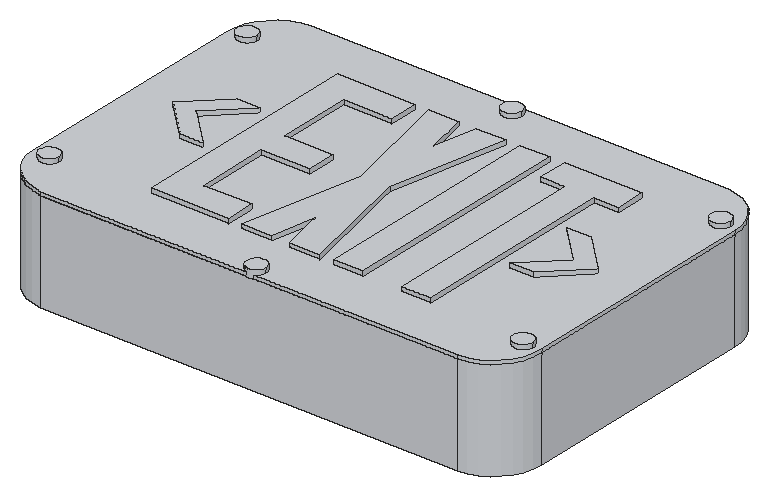
Revit family "Alcon-16124-Revit-Family", category Lighting Fixtures, host Face, Revit 2021
Family settings
  Host = Face
  Round Connector Dimension = Use Diameter
  Part Type = Normal
  Cut with Voids When Loaded = No
  Light Source = No
  Shared = No
  Room Calculation Point = No
Parameters
  Product Identity = "Alcon Lighting 16124"
  Manufacturer = "Alcon Light"
  Link To Product Page = "https://www.alconlighting.com/16124.html"
  Light = none
  Lens = none
  Housing = none
  Default Elevation = 4' - 0"
Reference planes (in)
  plane 1 "Center (Front/Back)": y = 0
  plane 2: z = 0
  plane 3 "Center (Left/Right)": x = 0
Forms (in)
  Extrusion 1, solid, material <- "Housing"
    sketch origin (0, 0, 0) x (1, 0, 0) y (0, 1, 0)
      loop
        arc (-5.37734, 4.46914) -> (-6.21902, 4.08147) -> (-6.5625, 3.22082) r 1.25
        line (-6.5625, 3.22082) -> (-6.5625, -3.00341)
        arc (-6.5625, -3.00341) -> (-6.21902, -3.86407) -> (-5.37734, -4.25173) r 1.25
        arc (-5.37734, -4.25173) -> (0, -4.3913) -> (5.37734, -4.25173) r 103.66176
        arc (5.37734, -4.25173) -> (6.21902, -3.86407) -> (6.5625, -3.00341) r 1.25
        line (6.5625, -3.00341) -> (6.5625, 3.22082)
        arc (6.5625, 3.22082) -> (6.21902, 4.08147) -> (5.37734, 4.46914) r 1.25
        arc (5.37734, 4.46914) -> (0, 4.6087) -> (-5.37734, 4.46914) r 103.66176
    from 0 to 2.59394
  Extrusion 2, solid, material <- "Light"
    sketch origin (0, 0, 0) x (1, 0, 0) y (0, 1, 0)
      loop
        line (-3.60456, 3.10927) -> (-3.60456, -2.90171) -> (-1.60456, -2.90171) -> (-1.60456, -2.15171) -> (-2.85456, -2.15171) -> (-2.85456, -0.29313) -> (-1.60456, -0.29313) -> (-1.60456, 0.45687) -> (-2.85456, 0.45687) -> (-2.85456, 2.35927) -> (-1.60456, 2.35927) -> (-1.60456, 3.10927) -> (-3.60456, 3.10927)
      loop
        line (1.09282, 3.10927) -> (1.09282, -2.90171) -> (1.86222, -2.90171) -> (1.86222, 3.10927) -> (1.09282, 3.10927)
      loop
        line (2.24692, 2.35927) -> (2.86361, 2.35927) -> (2.86361, -2.90171) -> (3.61361, -2.90171) -> (3.61361, 2.35927) -> (4.24692, 2.35927) -> (4.24692, 3.10927) -> (2.24692, 3.10927) -> (2.24692, 2.35927)
      loop
        line (-1.24752, 3.10927) -> (-0.61799, 0.14752) -> (-1.26612, -2.90171) -> (-0.48944, -2.90171) -> (-0.2565, -1.80581) -> (-0.02356, -2.90171) -> (0.75311, -2.90171) -> (0.10498, 0.14752) -> (0.73452, 3.10927) -> (-0.02653, 3.10927) -> (-0.2565, 2.02734) -> (-0.48647, 3.10927) -> (-1.24752, 3.10927)
    from 2.59394 to 2.7897
  Extrusion 3, solid
    sketch origin (0, 0, 0) x (1, 0, 0) y (0, 1, 0)
      loop
        line (-5.48769, 0.13191) -> (-4.56576, -0.79002) -> (-3.96003, -0.79002) -> (-4.88195, 0.13191) -> (-3.96003, 1.05383) -> (-4.56576, 1.05383) -> (-5.48769, 0.13191)
      loop
        line (5.48769, 0.13191) -> (4.56576, 1.05383) -> (3.96003, 1.05383) -> (4.88195, 0.13191) -> (3.96003, -0.79002) -> (4.56576, -0.79002) -> (5.48769, 0.13191)
    from 2.59394 to 2.7897
  Extrusion 4, solid, material <- "Housing"
    sketch origin (0, 0, 0) x (1, 0, 0) y (0, 1, 0)
      loop
        circle (0, 4.22995) r 0.25
      loop
        circle (0, -4.02005) r 0.25
      loop
        circle (6.1152, -3.05931) r 0.25
      loop
        circle (6.1152, 3.3235) r 0.25
      loop
        circle (-6.1152, -3.05931) r 0.25
      loop
        circle (-6.1152, 3.3235) r 0.25
    from 2.59394 to 2.7897
  Extrusion 5, solid, material <- "Lens"
    sketch origin (0, 0, 0) x (1, 0, 0) y (0, 1, 0)
      loop
        arc (-5.37734, 4.46914) -> (-6.21902, 4.08147) -> (-6.5625, 3.22082) r 1.25
        line (-6.5625, 3.22082) -> (-6.5625, -3.00341)
        arc (-6.5625, -3.00341) -> (-6.21902, -3.86407) -> (-5.37734, -4.25173) r 1.25
        arc (-5.37734, -4.25173) -> (0, -4.3913) -> (5.37734, -4.25173) r 103.66176
        arc (5.37734, -4.25173) -> (6.21902, -3.86407) -> (6.5625, -3.00341) r 1.25
        line (6.5625, -3.00341) -> (6.5625, 3.22082)
        arc (6.5625, 3.22082) -> (6.21902, 4.08147) -> (5.37734, 4.46914) r 1.25
        arc (5.37734, 4.46914) -> (0, 4.6087) -> (-5.37734, 4.46914) r 103.66176
      loop
        line (-3.96003, -0.79002) -> (-4.88195, 0.13191) -> (-3.96003, 1.05383) -> (-4.56576, 1.05383) -> (-5.48769, 0.13191) -> (-4.56576, -0.79002) -> (-3.96003, -0.79002)
      loop
        line (-3.60456, 3.10927) -> (-3.60456, -2.90171) -> (-1.60456, -2.90171) -> (-1.60456, -2.15171) -> (-2.85456, -2.15171) -> (-2.85456, -0.29313) -> (-1.60456, -0.29313) -> (-1.60456, 0.45687) -> (-2.85456, 0.45687) -> (-2.85456, 2.35927) -> (-1.60456, 2.35927) -> (-1.60456, 3.10927) -> (-3.60456, 3.10927)
      loop
        line (0.10498, 0.14752) -> (0.73452, 3.10927) -> (-0.02653, 3.10927) -> (-0.2565, 2.02734) -> (-0.48647, 3.10927) -> (-1.24752, 3.10927) -> (-0.61799, 0.14752) -> (-1.26612, -2.90171) -> (-0.48944, -2.90171) -> (-0.2565, -1.80581) -> (-0.02356, -2.90171) -> (0.75311, -2.90171) -> (0.10498, 0.14752)
      loop
        line (1.09282, 3.10927) -> (1.09282, -2.90171) -> (1.86222, -2.90171) -> (1.86222, 3.10927) -> (1.09282, 3.10927)
      loop
        line (2.86361, 2.35927) -> (2.86361, -2.90171) -> (3.61361, -2.90171) -> (3.61361, 2.35927) -> (4.24692, 2.35927) -> (4.24692, 3.10927) -> (2.24692, 3.10927) -> (2.24692, 2.35927) -> (2.86361, 2.35927)
      loop
        line (4.88195, 0.13191) -> (3.96003, -0.79002) -> (4.56576, -0.79002) -> (5.48769, 0.13191) -> (4.56576, 1.05383) -> (3.96003, 1.05383) -> (4.88195, 0.13191)
    from 2.59394 to 2.68603
Dimensions and locks (in)
  aligned and locked: plane 2 to host face
  aligned and locked: level to host face
